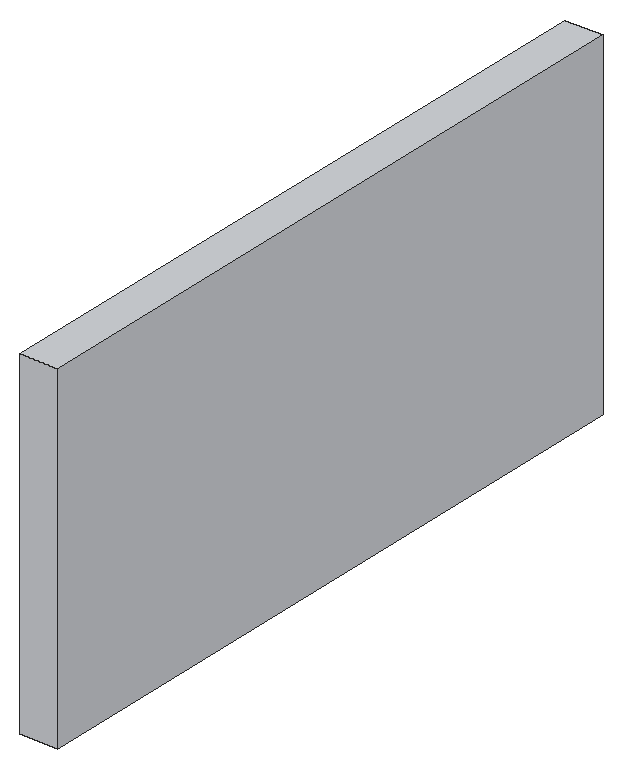
Revit family "M_Rectangular Endcap - DTL", category Duct Fittings, Revit 2014
Parameters (values of type "Standard")
  Width In [instance] = 900 mm
  built-in parameter 1114242 [instance] = (empty or 0)
  Draw Length [instance] = 50 mm
  Depth In [instance] = 450 mm
Reference planes
  plane 1 "Center (Front/Back)": y = 0
  plane 2: z = 0
  plane 3 "Center (Left/Right)": x = 0
  plane 4: x = 50
  plane 5: y = 450
  plane 6: y = -450
  plane 7: z = 225
  plane 8: z = -225
  plane 9: x = -50
Forms (mm)
  Extrusion 1, solid, detail levels medium+fine
    sketch origin (0, 0, 0) x (0, 1, 0) y (0, 0, 1)
      loop
        line (450, 225) -> (-450, 225) -> (-450, -225) -> (450, -225) -> (450, 225)
    from 0 to 50
Lines and regions (mm)
  model lines, detail levels coarse
    curve 1: line (0, 450, 0) -> (0, -450, 0)
    curve 2: line (-50, 450, 0) -> (0, 450, 0)
    curve 3: line (-50, -450, 0) -> (0, -450, 0)
Dimensions and locks
  equal spacing: plane 5, plane 1 "Center (Front/Back)", plane 6
  "Width In": plane 5 to plane 6
  "Draw Length": plane 3 "Center (Left/Right)" to plane 4
  equal spacing: plane 7, plane 2, plane 8
  "Depth In": plane 7 to plane 8
  "Draw Length": plane 9 to plane 3 "Center (Left/Right)"
  aligned and locked: plane 5 to Extrusion 1 sketch curve
  aligned and locked: plane 7 to Extrusion 1 sketch curve
  aligned and locked: plane 8 to Extrusion 1 sketch curve
  aligned and locked: Extrusion 1 sketch curve to plane 6
  aligned and locked: Extrusion 1 to plane 3 "Center (Left/Right)"
  aligned and locked: plane 4 to Extrusion 1
  aligned and locked: plane 5 to curve 1
  aligned and locked: plane 6 to curve 1
  aligned and locked: plane 3 "Center (Left/Right)" to curve 2
  aligned and locked: plane 9 to curve 2
  aligned and locked: curve 2 to plane 5
  aligned and locked: plane 9 to curve 3
  aligned and locked: plane 3 "Center (Left/Right)" to curve 3
  aligned and locked: curve 3 to plane 6
Connectors
  hvac at (0, 0, 0), driven by "Depth In", driven by "Width In"
    settings: on Extrusion 1, index 1, duct flow 0.0 L/s, flow factor 0, pres drop 0.0 Pa, loss coef 0, conn angle 0.00°, conn width 900 mm, conn height 450 mm, conn diameter 609.6 mm, duct sys type 28, conn prof type 1, flow config 0, flow direction 0, loss method 0, conn ref index -1, conn util no, is conn primary yes, conn desc ""
